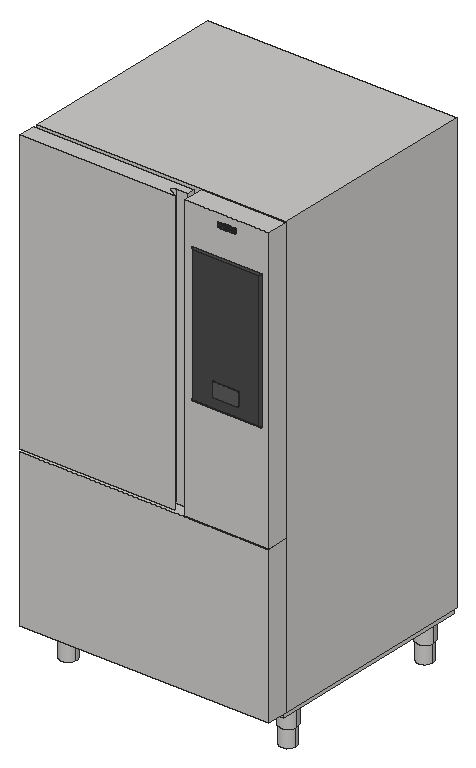
Revit family "QF_ZANUSSI_110547_ZBFA11E", category Specialty Equipment, Revit 2018 (continued)
Automatic sketch dimensions
  Split face 168 sketch curve to Split face 168 sketch curve = 4.974 mm
  Split face 169 sketch curve to Extrusion 4 = 71.499 mm
  Split face 169 sketch curve to Extrusion 4 = 382.543 mm
  Split face 169 sketch curve to Split face 169 sketch curve = 110.016 mm
  Split face 169 sketch curve to Split face 169 sketch curve = 4.974 mm
  Split face 170 sketch curve to Extrusion 4 = 80.999 mm
  Split face 170 sketch curve to Extrusion 4 = 382.543 mm
  Split face 170 sketch curve to Split face 170 sketch curve = 110.016 mm
  Split face 170 sketch curve to Split face 170 sketch curve = 4.974 mm
  Split face 171 sketch curve to Extrusion 4 = 90.499 mm
  Split face 171 sketch curve to Extrusion 4 = 382.543 mm
  Split face 171 sketch curve to Split face 171 sketch curve = 110.016 mm
  Split face 171 sketch curve to Split face 171 sketch curve = 4.974 mm
  Split face 172 sketch curve to Extrusion 4 = 99.999 mm
  Split face 172 sketch curve to Extrusion 4 = 382.543 mm
  Split face 172 sketch curve to Split face 172 sketch curve = 110.016 mm
  Split face 172 sketch curve to Split face 172 sketch curve = 4.974 mm
  Split face 173 sketch curve to Extrusion 4 = 109.499 mm
  Split face 173 sketch curve to Extrusion 4 = 382.543 mm
  Split face 173 sketch curve to Split face 173 sketch curve = 110.016 mm
  Split face 173 sketch curve to Split face 173 sketch curve = 4.974 mm
  Split face 174 sketch curve to Extrusion 4 = 119 mm
  Split face 174 sketch curve to Extrusion 4 = 382.543 mm
  Split face 174 sketch curve to Split face 174 sketch curve = 110.016 mm
  Split face 174 sketch curve to Split face 174 sketch curve = 4.974 mm
  Split face 175 sketch curve to Extrusion 4 = 128.5 mm
  Split face 175 sketch curve to Extrusion 4 = 382.543 mm
  Split face 175 sketch curve to Split face 175 sketch curve = 110.016 mm
  Split face 175 sketch curve to Split face 175 sketch curve = 4.974 mm
  Split face 176 sketch curve to Extrusion 4 = 138 mm
  Split face 176 sketch curve to Extrusion 4 = 382.543 mm
  Split face 176 sketch curve to Split face 176 sketch curve = 110.016 mm
  Split face 176 sketch curve to Split face 176 sketch curve = 4.974 mm
  Split face 177 sketch curve to Extrusion 4 = 147.5 mm
  Split face 177 sketch curve to Extrusion 4 = 382.543 mm
  Split face 177 sketch curve to Split face 177 sketch curve = 110.016 mm
  Split face 177 sketch curve to Split face 177 sketch curve = 4.974 mm
  Split face 178 sketch curve to Extrusion 4 = 157 mm
  Split face 178 sketch curve to Extrusion 4 = 382.543 mm
  Split face 178 sketch curve to Split face 178 sketch curve = 110.016 mm
  Split face 178 sketch curve to Split face 178 sketch curve = 4.974 mm
  Split face 179 sketch curve to Extrusion 4 = 166.5 mm
  Split face 179 sketch curve to Extrusion 4 = 382.543 mm
  Split face 179 sketch curve to Split face 179 sketch curve = 110.016 mm
  Split face 179 sketch curve to Split face 179 sketch curve = 4.974 mm
  Split face 180 sketch curve to Extrusion 4 = 176 mm
  Split face 180 sketch curve to Extrusion 4 = 382.543 mm
  Split face 180 sketch curve to Split face 180 sketch curve = 110.016 mm
  Split face 180 sketch curve to Split face 180 sketch curve = 4.974 mm
  Split face 181 sketch curve to Extrusion 4 = 185.5 mm
  Split face 181 sketch curve to Extrusion 4 = 382.543 mm
  Split face 181 sketch curve to Split face 181 sketch curve = 110.016 mm
  Split face 181 sketch curve to Split face 181 sketch curve = 4.974 mm
  Split face 182 sketch curve to Extrusion 4 = 382.543 mm
  Split face 182 sketch curve to Split face 182 sketch curve = 110.016 mm
  Split face 182 sketch curve to Extrusion 4 = 195 mm
  Split face 182 sketch curve to Split face 182 sketch curve = 4.974 mm
  Split face 183 sketch curve to Extrusion 4 = 382.543 mm
  Split face 183 sketch curve to Split face 183 sketch curve = 110.016 mm
  Split face 183 sketch curve to Extrusion 4 = 204.5 mm
  Split face 183 sketch curve to Split face 183 sketch curve = 4.974 mm
  Split face 184 sketch curve to Extrusion 4 = 382.543 mm
  Split face 184 sketch curve to Split face 184 sketch curve = 110.016 mm
  Split face 184 sketch curve to Extrusion 4 = 214 mm
  Split face 184 sketch curve to Split face 184 sketch curve = 4.974 mm
  Split face 185 sketch curve to Extrusion 4 = 382.543 mm
  Split face 185 sketch curve to Split face 185 sketch curve = 110.016 mm
  Split face 185 sketch curve to Extrusion 4 = 223.5 mm
  Split face 185 sketch curve to Split face 185 sketch curve = 4.974 mm
  Split face 186 sketch curve to Extrusion 4 = 382.543 mm
  Split face 186 sketch curve to Split face 186 sketch curve = 110.016 mm
  Split face 186 sketch curve to Extrusion 4 = 233.001 mm
  Split face 186 sketch curve to Split face 186 sketch curve = 4.974 mm
  Split face 187 sketch curve to Extrusion 4 = 382.543 mm
  Split face 187 sketch curve to Split face 187 sketch curve = 110.016 mm
  Split face 187 sketch curve to Extrusion 4 = 242.501 mm
  Split face 187 sketch curve to Split face 187 sketch curve = 4.974 mm
  Split face 188 sketch curve to Extrusion 4 = 382.543 mm
  Split face 188 sketch curve to Split face 188 sketch curve = 110.016 mm
  Split face 188 sketch curve to Extrusion 4 = 252.001 mm
  Split face 188 sketch curve to Split face 188 sketch curve = 4.974 mm
  Split face 189 sketch curve to Extrusion 4 = 382.543 mm
  Split face 189 sketch curve to Split face 189 sketch curve = 110.016 mm
  Split face 189 sketch curve to Extrusion 4 = 261.501 mm
  Split face 189 sketch curve to Split face 189 sketch curve = 4.974 mm
  Split face 190 sketch curve to Extrusion 4 = 382.543 mm
  Split face 190 sketch curve to Split face 190 sketch curve = 110.016 mm
  Split face 190 sketch curve to Extrusion 4 = 271.001 mm
  Split face 190 sketch curve to Split face 190 sketch curve = 4.974 mm
  Split face 191 sketch curve to Extrusion 4 = 382.543 mm
  Split face 191 sketch curve to Split face 191 sketch curve = 110.016 mm
  Split face 191 sketch curve to Extrusion 4 = 279.479 mm
  Split face 191 sketch curve to Split face 191 sketch curve = 4.974 mm
  Split face 192 sketch curve to Extrusion 4 = 382.543 mm
  Split face 192 sketch curve to Split face 192 sketch curve = 110.016 mm
  Split face 192 sketch curve to Extrusion 4 = 269.979 mm
  Split face 192 sketch curve to Split face 192 sketch curve = 4.974 mm
  Split face 193 sketch curve to Extrusion 4 = 382.543 mm
  Split face 193 sketch curve to Split face 193 sketch curve = 110.016 mm
  Split face 193 sketch curve to Extrusion 4 = 260.479 mm
  Split face 193 sketch curve to Split face 193 sketch curve = 4.974 mm
  Split face 194 sketch curve to Extrusion 4 = 382.543 mm
  Split face 194 sketch curve to Split face 194 sketch curve = 110.016 mm
  Split face 194 sketch curve to Extrusion 4 = 250.978 mm
  Split face 194 sketch curve to Split face 194 sketch curve = 4.974 mm
  Split face 195 sketch curve to Extrusion 4 = 382.543 mm
  Split face 195 sketch curve to Split face 195 sketch curve = 110.016 mm
  Split face 195 sketch curve to Extrusion 4 = 241.478 mm
  Split face 195 sketch curve to Split face 195 sketch curve = 4.974 mm
  Split face 196 sketch curve to Extrusion 4 = 382.543 mm
  Split face 196 sketch curve to Split face 196 sketch curve = 110.016 mm
  Split face 196 sketch curve to Extrusion 4 = 231.978 mm
  Split face 196 sketch curve to Split face 196 sketch curve = 4.974 mm
  Split face 197 sketch curve to Extrusion 4 = 382.543 mm
  Split face 197 sketch curve to Split face 197 sketch curve = 110.016 mm
  Split face 197 sketch curve to Extrusion 4 = 222.478 mm
  Split face 197 sketch curve to Split face 197 sketch curve = 4.974 mm
  Split face 198 sketch curve to Extrusion 4 = 382.543 mm
  Split face 198 sketch curve to Split face 198 sketch curve = 110.016 mm
  Split face 198 sketch curve to Extrusion 4 = 212.978 mm
  Split face 198 sketch curve to Split face 198 sketch curve = 4.974 mm
  Split face 199 sketch curve to Extrusion 4 = 382.543 mm
  Split face 199 sketch curve to Split face 199 sketch curve = 110.016 mm
  Split face 199 sketch curve to Extrusion 4 = 203.478 mm
  Split face 199 sketch curve to Split face 199 sketch curve = 4.974 mm
  Split face 200 sketch curve to Extrusion 4 = 382.543 mm
  Split face 200 sketch curve to Split face 200 sketch curve = 110.016 mm
  Split face 200 sketch curve to Extrusion 4 = 193.978 mm
  Split face 200 sketch curve to Split face 200 sketch curve = 4.974 mm
  Split face 201 sketch curve to Extrusion 4 = 184.478 mm
  Split face 201 sketch curve to Extrusion 4 = 382.543 mm
  Split face 201 sketch curve to Split face 201 sketch curve = 110.016 mm
  Split face 201 sketch curve to Split face 201 sketch curve = 4.974 mm
  Split face 202 sketch curve to Extrusion 4 = 174.978 mm
  Split face 202 sketch curve to Extrusion 4 = 382.543 mm
  Split face 202 sketch curve to Split face 202 sketch curve = 110.016 mm
  Split face 202 sketch curve to Split face 202 sketch curve = 4.974 mm
  Split face 203 sketch curve to Extrusion 4 = 165.478 mm
  Split face 203 sketch curve to Extrusion 4 = 382.543 mm
  Split face 203 sketch curve to Split face 203 sketch curve = 110.016 mm
  Split face 203 sketch curve to Split face 203 sketch curve = 4.974 mm
  Split face 204 sketch curve to Extrusion 4 = 155.978 mm
  Split face 204 sketch curve to Extrusion 4 = 382.543 mm
  Split face 204 sketch curve to Split face 204 sketch curve = 110.016 mm
  Split face 204 sketch curve to Split face 204 sketch curve = 4.974 mm
  Split face 205 sketch curve to Extrusion 4 = 146.478 mm
  Split face 205 sketch curve to Extrusion 4 = 382.543 mm
  Split face 205 sketch curve to Split face 205 sketch curve = 110.016 mm
  Split face 205 sketch curve to Split face 205 sketch curve = 4.974 mm
  Split face 206 sketch curve to Extrusion 4 = 33.499 mm
  Split face 206 sketch curve to Extrusion 4 = 262.552 mm
  Split face 206 sketch curve to Extrusion 4 = 28.525 mm
  Split face 206 sketch curve to Split face 206 sketch curve = 110.016 mm
  Split face 207 sketch curve to Extrusion 4 = 42.999 mm
  Split face 207 sketch curve to Extrusion 4 = 262.552 mm
  Split face 207 sketch curve to Extrusion 4 = 38.025 mm
  Split face 207 sketch curve to Split face 207 sketch curve = 110.016 mm
  Split face 208 sketch curve to Extrusion 4 = 52.499 mm
  Split face 208 sketch curve to Extrusion 4 = 262.552 mm
  Split face 208 sketch curve to Extrusion 4 = 47.525 mm
  Split face 208 sketch curve to Split face 208 sketch curve = 110.016 mm
  Split face 209 sketch curve to Extrusion 4 = 61.999 mm
  Split face 209 sketch curve to Extrusion 4 = 262.552 mm
  Split face 209 sketch curve to Split face 209 sketch curve = 110.016 mm
  Split face 209 sketch curve to Split face 209 sketch curve = 4.974 mm
  Split face 210 sketch curve to Extrusion 4 = 71.499 mm
  Split face 210 sketch curve to Extrusion 4 = 262.552 mm
  Split face 210 sketch curve to Split face 210 sketch curve = 110.016 mm
  Split face 210 sketch curve to Split face 210 sketch curve = 4.974 mm
  Split face 211 sketch curve to Extrusion 4 = 80.999 mm
  Split face 211 sketch curve to Extrusion 4 = 262.552 mm
  Split face 211 sketch curve to Split face 211 sketch curve = 110.016 mm
  Split face 211 sketch curve to Split face 211 sketch curve = 4.974 mm
  Split face 212 sketch curve to Extrusion 4 = 90.499 mm
  Split face 212 sketch curve to Extrusion 4 = 262.552 mm
  Split face 212 sketch curve to Split face 212 sketch curve = 110.016 mm
  Split face 212 sketch curve to Split face 212 sketch curve = 4.974 mm
  Split face 213 sketch curve to Extrusion 4 = 99.999 mm
  Split face 213 sketch curve to Extrusion 4 = 262.552 mm
  Split face 213 sketch curve to Split face 213 sketch curve = 110.016 mm
  Split face 213 sketch curve to Split face 213 sketch curve = 4.974 mm
  Split face 214 sketch curve to Extrusion 4 = 109.499 mm
  Split face 214 sketch curve to Extrusion 4 = 262.552 mm
  Split face 214 sketch curve to Split face 214 sketch curve = 110.016 mm
  Split face 214 sketch curve to Split face 214 sketch curve = 4.974 mm
  Split face 215 sketch curve to Extrusion 4 = 119 mm
  Split face 215 sketch curve to Extrusion 4 = 262.552 mm
  Split face 215 sketch curve to Split face 215 sketch curve = 110.016 mm
  Split face 215 sketch curve to Split face 215 sketch curve = 4.974 mm
  Split face 216 sketch curve to Extrusion 4 = 128.5 mm
  Split face 216 sketch curve to Extrusion 4 = 262.552 mm
  Split face 216 sketch curve to Split face 216 sketch curve = 110.016 mm
  Split face 216 sketch curve to Split face 216 sketch curve = 4.974 mm
  Split face 217 sketch curve to Extrusion 4 = 262.552 mm
  Split face 217 sketch curve to Split face 217 sketch curve = 110.016 mm
  Split face 217 sketch curve to Extrusion 4 = 138 mm
  Split face 217 sketch curve to Split face 217 sketch curve = 4.974 mm
  Split face 218 sketch curve to Extrusion 4 = 262.552 mm
  Split face 218 sketch curve to Split face 218 sketch curve = 110.016 mm
  Split face 218 sketch curve to Extrusion 4 = 147.5 mm
  Split face 218 sketch curve to Split face 218 sketch curve = 4.974 mm
  Split face 219 sketch curve to Extrusion 4 = 262.552 mm
  Split face 219 sketch curve to Split face 219 sketch curve = 110.016 mm
  Split face 219 sketch curve to Extrusion 4 = 157 mm
  Split face 219 sketch curve to Split face 219 sketch curve = 4.974 mm
  Split face 220 sketch curve to Extrusion 4 = 262.552 mm
  Split face 220 sketch curve to Split face 220 sketch curve = 110.016 mm
  Split face 220 sketch curve to Extrusion 4 = 166.5 mm
  Split face 220 sketch curve to Split face 220 sketch curve = 4.974 mm
  Split face 221 sketch curve to Extrusion 4 = 262.552 mm
  Split face 221 sketch curve to Split face 221 sketch curve = 110.016 mm
  Split face 221 sketch curve to Extrusion 4 = 176 mm
  Split face 221 sketch curve to Split face 221 sketch curve = 4.974 mm
  Split face 222 sketch curve to Extrusion 4 = 262.552 mm
  Split face 222 sketch curve to Split face 222 sketch curve = 110.016 mm
  Split face 222 sketch curve to Extrusion 4 = 185.5 mm
  Split face 222 sketch curve to Split face 222 sketch curve = 4.974 mm
  Split face 223 sketch curve to Extrusion 4 = 262.552 mm
  Split face 223 sketch curve to Split face 223 sketch curve = 110.016 mm
  Split face 223 sketch curve to Extrusion 4 = 195 mm
  Split face 223 sketch curve to Split face 223 sketch curve = 4.974 mm
  Split face 224 sketch curve to Extrusion 4 = 262.552 mm
  Split face 224 sketch curve to Split face 224 sketch curve = 110.016 mm
  Split face 224 sketch curve to Extrusion 4 = 204.5 mm
  Split face 224 sketch curve to Split face 224 sketch curve = 4.974 mm
  Split face 225 sketch curve to Extrusion 4 = 262.552 mm
  Split face 225 sketch curve to Split face 225 sketch curve = 110.016 mm
  Split face 225 sketch curve to Extrusion 4 = 214 mm
  Split face 225 sketch curve to Split face 225 sketch curve = 4.974 mm
  Split face 226 sketch curve to Extrusion 4 = 262.552 mm
  Split face 226 sketch curve to Split face 226 sketch curve = 110.016 mm
  Split face 226 sketch curve to Extrusion 4 = 223.5 mm
  Split face 226 sketch curve to Split face 226 sketch curve = 4.974 mm
  Split face 227 sketch curve to Extrusion 4 = 262.552 mm
  Split face 227 sketch curve to Split face 227 sketch curve = 110.016 mm
  Split face 227 sketch curve to Extrusion 4 = 233.001 mm
  Split face 227 sketch curve to Split face 227 sketch curve = 4.974 mm
  Split face 228 sketch curve to Extrusion 4 = 262.552 mm
  Split face 228 sketch curve to Split face 228 sketch curve = 110.016 mm
  Split face 228 sketch curve to Extrusion 4 = 242.501 mm
  Split face 228 sketch curve to Split face 228 sketch curve = 4.974 mm
  Split face 229 sketch curve to Extrusion 4 = 262.552 mm
  Split face 229 sketch curve to Split face 229 sketch curve = 110.016 mm
  Split face 229 sketch curve to Extrusion 4 = 252.001 mm
  Split face 229 sketch curve to Split face 229 sketch curve = 4.974 mm
  Split face 230 sketch curve to Extrusion 4 = 262.552 mm
  Split face 230 sketch curve to Split face 230 sketch curve = 110.016 mm
  Split face 230 sketch curve to Extrusion 4 = 261.501 mm
  Split face 230 sketch curve to Split face 230 sketch curve = 4.974 mm
  Split face 231 sketch curve to Extrusion 4 = 262.552 mm
  Split face 231 sketch curve to Split face 231 sketch curve = 110.016 mm
  Split face 231 sketch curve to Extrusion 4 = 271.001 mm
  Split face 231 sketch curve to Split face 231 sketch curve = 4.974 mm
  Split face 232 sketch curve to Extrusion 4 = 262.552 mm
  Split face 232 sketch curve to Split face 232 sketch curve = 110.016 mm
  Split face 232 sketch curve to Extrusion 4 = 279.479 mm
  Split face 232 sketch curve to Split face 232 sketch curve = 4.974 mm
  Split face 233 sketch curve to Extrusion 4 = 262.552 mm
  Split face 233 sketch curve to Split face 233 sketch curve = 110.016 mm
  Split face 233 sketch curve to Extrusion 4 = 269.979 mm
  Split face 233 sketch curve to Split face 233 sketch curve = 4.974 mm
  Split face 234 sketch curve to Extrusion 4 = 262.552 mm
  Split face 234 sketch curve to Split face 234 sketch curve = 110.016 mm
  Split face 234 sketch curve to Extrusion 4 = 260.479 mm
  Split face 234 sketch curve to Split face 234 sketch curve = 4.974 mm
  Split face 235 sketch curve to Extrusion 4 = 262.552 mm
  Split face 235 sketch curve to Split face 235 sketch curve = 110.016 mm
  Split face 235 sketch curve to Extrusion 4 = 250.978 mm
  Split face 235 sketch curve to Split face 235 sketch curve = 4.974 mm
  Split face 236 sketch curve to Extrusion 4 = 262.552 mm
  Split face 236 sketch curve to Split face 236 sketch curve = 110.016 mm
  Split face 236 sketch curve to Extrusion 4 = 241.478 mm
  Split face 236 sketch curve to Split face 236 sketch curve = 4.974 mm
  Split face 237 sketch curve to Extrusion 4 = 262.552 mm
  Split face 237 sketch curve to Split face 237 sketch curve = 110.016 mm
  Split face 237 sketch curve to Extrusion 4 = 231.978 mm
  Split face 237 sketch curve to Split face 237 sketch curve = 4.974 mm
  Split face 238 sketch curve to Extrusion 4 = 262.552 mm
  Split face 238 sketch curve to Split face 238 sketch curve = 110.016 mm
  Split face 238 sketch curve to Extrusion 4 = 222.478 mm
  Split face 238 sketch curve to Split face 238 sketch curve = 4.974 mm
  Split face 239 sketch curve to Extrusion 4 = 262.552 mm
  Split face 239 sketch curve to Split face 239 sketch curve = 110.016 mm
  Split face 239 sketch curve to Extrusion 4 = 212.978 mm
  Split face 239 sketch curve to Split face 239 sketch curve = 4.974 mm
  Split face 240 sketch curve to Extrusion 4 = 262.552 mm
  Split face 240 sketch curve to Split face 240 sketch curve = 110.016 mm
  Split face 240 sketch curve to Extrusion 4 = 203.478 mm
  Split face 240 sketch curve to Split face 240 sketch curve = 4.974 mm
  Split face 241 sketch curve to Extrusion 4 = 262.552 mm
  Split face 241 sketch curve to Split face 241 sketch curve = 110.016 mm
  Split face 241 sketch curve to Extrusion 4 = 193.978 mm
  Split face 241 sketch curve to Split face 241 sketch curve = 4.974 mm
  Split face 242 sketch curve to Extrusion 4 = 262.552 mm
  Split face 242 sketch curve to Split face 242 sketch curve = 110.016 mm
  Split face 242 sketch curve to Extrusion 4 = 184.478 mm
  Split face 242 sketch curve to Split face 242 sketch curve = 4.974 mm
  Split face 243 sketch curve to Extrusion 4 = 262.552 mm
  Split face 243 sketch curve to Split face 243 sketch curve = 110.016 mm
  Split face 243 sketch curve to Extrusion 4 = 174.978 mm
  Split face 243 sketch curve to Split face 243 sketch curve = 4.974 mm
  Split face 244 sketch curve to Extrusion 4 = 262.552 mm
  Split face 244 sketch curve to Split face 244 sketch curve = 110.016 mm
  Split face 244 sketch curve to Extrusion 4 = 165.478 mm
  Split face 244 sketch curve to Split face 244 sketch curve = 4.974 mm
  Split face 245 sketch curve to Extrusion 4 = 262.552 mm
  Split face 245 sketch curve to Split face 245 sketch curve = 110.016 mm
  Split face 245 sketch curve to Extrusion 4 = 155.978 mm
  Split face 245 sketch curve to Split face 245 sketch curve = 4.974 mm
  Split face 246 sketch curve to Extrusion 4 = 262.552 mm
  Split face 246 sketch curve to Split face 246 sketch curve = 110.016 mm
  Split face 246 sketch curve to Extrusion 4 = 146.478 mm
  Split face 246 sketch curve to Split face 246 sketch curve = 4.974 mm
  Split face 247 sketch curve to Extrusion 4 = 33.499 mm
  Split face 247 sketch curve to Extrusion 4 = 142.561 mm
  Split face 247 sketch curve to Extrusion 4 = 32.544 mm
  Split face 247 sketch curve to Split face 247 sketch curve = 4.974 mm
  Split face 248 sketch curve to Extrusion 4 = 42.999 mm
  Split face 248 sketch curve to Extrusion 4 = 142.561 mm
  Split face 248 sketch curve to Extrusion 4 = 32.544 mm
  Split face 248 sketch curve to Split face 248 sketch curve = 4.974 mm
  Split face 249 sketch curve to Extrusion 4 = 52.499 mm
  Split face 249 sketch curve to Extrusion 4 = 142.561 mm
  Split face 249 sketch curve to Extrusion 4 = 32.544 mm
  Split face 249 sketch curve to Split face 249 sketch curve = 4.974 mm
  Split face 250 sketch curve to Extrusion 4 = 61.999 mm
  Split face 250 sketch curve to Extrusion 4 = 142.561 mm
  Split face 250 sketch curve to Extrusion 4 = 32.544 mm
  Split face 250 sketch curve to Split face 250 sketch curve = 4.974 mm
  Split face 251 sketch curve to Extrusion 4 = 142.561 mm
  Split face 251 sketch curve to Extrusion 4 = 32.544 mm
  Split face 251 sketch curve to Extrusion 4 = 71.499 mm
  Split face 251 sketch curve to Split face 251 sketch curve = 4.974 mm
  Split face 252 sketch curve to Extrusion 4 = 142.561 mm
  Split face 252 sketch curve to Extrusion 4 = 32.544 mm
  Split face 252 sketch curve to Extrusion 4 = 80.999 mm
  Split face 252 sketch curve to Split face 252 sketch curve = 4.974 mm
  Split face 253 sketch curve to Extrusion 4 = 142.561 mm
  Split face 253 sketch curve to Extrusion 4 = 32.544 mm
  Split face 253 sketch curve to Extrusion 4 = 90.499 mm
  Split face 253 sketch curve to Split face 253 sketch curve = 4.974 mm
  Split face 254 sketch curve to Extrusion 4 = 142.561 mm
  Split face 254 sketch curve to Extrusion 4 = 32.544 mm
  Split face 254 sketch curve to Extrusion 4 = 99.999 mm
  Split face 254 sketch curve to Split face 254 sketch curve = 4.974 mm
  Split face 255 sketch curve to Extrusion 4 = 142.561 mm
  Split face 255 sketch curve to Extrusion 4 = 32.544 mm
  Split face 255 sketch curve to Extrusion 4 = 109.499 mm
  Split face 255 sketch curve to Split face 255 sketch curve = 4.974 mm
  Split face 256 sketch curve to Extrusion 4 = 142.561 mm
  Split face 256 sketch curve to Extrusion 4 = 32.544 mm
  Split face 256 sketch curve to Extrusion 4 = 119 mm
  Split face 256 sketch curve to Split face 256 sketch curve = 4.974 mm
  Split face 257 sketch curve to Extrusion 4 = 142.561 mm
  Split face 257 sketch curve to Extrusion 4 = 32.544 mm
  Split face 257 sketch curve to Extrusion 4 = 128.5 mm
  Split face 257 sketch curve to Split face 257 sketch curve = 4.974 mm
  Split face 258 sketch curve to Extrusion 4 = 142.561 mm
  Split face 258 sketch curve to Extrusion 4 = 32.544 mm
  Split face 258 sketch curve to Extrusion 4 = 138 mm
  Split face 258 sketch curve to Split face 258 sketch curve = 4.974 mm
  Split face 259 sketch curve to Extrusion 4 = 142.561 mm
  Split face 259 sketch curve to Extrusion 4 = 32.544 mm
  Split face 259 sketch curve to Extrusion 4 = 147.5 mm
  Split face 259 sketch curve to Split face 259 sketch curve = 4.974 mm
  Split face 260 sketch curve to Extrusion 4 = 142.561 mm
  Split face 260 sketch curve to Extrusion 4 = 32.544 mm
  Split face 260 sketch curve to Extrusion 4 = 157 mm
  Split face 260 sketch curve to Split face 260 sketch curve = 4.974 mm
  Split face 261 sketch curve to Extrusion 4 = 142.561 mm
  Split face 261 sketch curve to Extrusion 4 = 32.544 mm
  Split face 261 sketch curve to Extrusion 4 = 166.5 mm
  Split face 261 sketch curve to Split face 261 sketch curve = 4.974 mm
  Split face 262 sketch curve to Extrusion 4 = 142.561 mm
  Split face 262 sketch curve to Extrusion 4 = 32.544 mm
  Split face 262 sketch curve to Extrusion 4 = 176 mm
  Split face 262 sketch curve to Split face 262 sketch curve = 4.974 mm
  Split face 263 sketch curve to Extrusion 4 = 142.561 mm
  Split face 263 sketch curve to Extrusion 4 = 32.544 mm
  Split face 263 sketch curve to Extrusion 4 = 185.5 mm
  Split face 263 sketch curve to Split face 263 sketch curve = 4.974 mm
  Split face 264 sketch curve to Extrusion 4 = 142.561 mm
  Split face 264 sketch curve to Extrusion 4 = 32.544 mm
  Split face 264 sketch curve to Extrusion 4 = 195 mm
  Split face 264 sketch curve to Split face 264 sketch curve = 4.974 mm
  Split face 265 sketch curve to Extrusion 4 = 142.561 mm
  Split face 265 sketch curve to Extrusion 4 = 32.544 mm
  Split face 265 sketch curve to Extrusion 4 = 204.5 mm
  Split face 265 sketch curve to Split face 265 sketch curve = 4.974 mm
  Split face 266 sketch curve to Extrusion 4 = 142.561 mm
  Split face 266 sketch curve to Extrusion 4 = 32.544 mm
  Split face 266 sketch curve to Extrusion 4 = 214 mm
  Split face 266 sketch curve to Split face 266 sketch curve = 4.974 mm
  Split face 267 sketch curve to Extrusion 4 = 142.561 mm
  Split face 267 sketch curve to Extrusion 4 = 32.544 mm
  Split face 267 sketch curve to Extrusion 4 = 223.5 mm
  Split face 267 sketch curve to Split face 267 sketch curve = 4.974 mm
  Split face 268 sketch curve to Extrusion 4 = 142.561 mm
  Split face 268 sketch curve to Extrusion 4 = 32.544 mm
  Split face 268 sketch curve to Extrusion 4 = 233.001 mm
  Split face 268 sketch curve to Split face 268 sketch curve = 4.974 mm
  Split face 269 sketch curve to Extrusion 4 = 142.561 mm
  Split face 269 sketch curve to Extrusion 4 = 32.544 mm
  Split face 269 sketch curve to Extrusion 4 = 242.501 mm
  Split face 269 sketch curve to Split face 269 sketch curve = 4.974 mm
  Split face 270 sketch curve to Extrusion 4 = 142.561 mm
  Split face 270 sketch curve to Extrusion 4 = 32.544 mm
  Split face 270 sketch curve to Extrusion 4 = 252.001 mm
  Split face 270 sketch curve to Split face 270 sketch curve = 4.974 mm
  Split face 271 sketch curve to Extrusion 4 = 142.561 mm
  Split face 271 sketch curve to Extrusion 4 = 32.544 mm
  Split face 271 sketch curve to Extrusion 4 = 261.501 mm
  Split face 271 sketch curve to Split face 271 sketch curve = 4.974 mm
  Split face 272 sketch curve to Extrusion 4 = 142.561 mm
  Split face 272 sketch curve to Extrusion 4 = 32.544 mm
  Split face 272 sketch curve to Extrusion 4 = 271.001 mm
  Split face 272 sketch curve to Split face 272 sketch curve = 4.974 mm
  Split face 273 sketch curve to Extrusion 4 = 142.561 mm
  Split face 273 sketch curve to Extrusion 4 = 32.544 mm
  Split face 273 sketch curve to Extrusion 4 = 279.479 mm
  Split face 273 sketch curve to Split face 273 sketch curve = 4.974 mm
  Split face 274 sketch curve to Extrusion 4 = 142.561 mm
  Split face 274 sketch curve to Extrusion 4 = 32.544 mm
  Split face 274 sketch curve to Extrusion 4 = 269.979 mm
  Split face 274 sketch curve to Split face 274 sketch curve = 4.974 mm
  Split face 275 sketch curve to Extrusion 4 = 142.561 mm
  Split face 275 sketch curve to Extrusion 4 = 32.544 mm
  Split face 275 sketch curve to Extrusion 4 = 260.479 mm
  Split face 275 sketch curve to Split face 275 sketch curve = 4.974 mm
  Split face 276 sketch curve to Extrusion 4 = 142.561 mm
  Split face 276 sketch curve to Extrusion 4 = 32.544 mm
  Split face 276 sketch curve to Extrusion 4 = 250.978 mm
  Split face 276 sketch curve to Split face 276 sketch curve = 4.974 mm
  Split face 277 sketch curve to Extrusion 4 = 142.561 mm
  Split face 277 sketch curve to Extrusion 4 = 32.544 mm
  Split face 277 sketch curve to Extrusion 4 = 241.478 mm
  Split face 277 sketch curve to Split face 277 sketch curve = 4.974 mm
  Split face 278 sketch curve to Extrusion 4 = 142.561 mm
  Split face 278 sketch curve to Extrusion 4 = 32.544 mm
  Split face 278 sketch curve to Extrusion 4 = 231.978 mm
  Split face 278 sketch curve to Split face 278 sketch curve = 4.974 mm
  Split face 279 sketch curve to Extrusion 4 = 142.561 mm
  Split face 279 sketch curve to Extrusion 4 = 32.544 mm
  Split face 279 sketch curve to Extrusion 4 = 222.478 mm
  Split face 279 sketch curve to Split face 279 sketch curve = 4.974 mm
  Split face 280 sketch curve to Extrusion 4 = 142.561 mm
  Split face 280 sketch curve to Extrusion 4 = 32.544 mm
  Split face 280 sketch curve to Extrusion 4 = 212.978 mm
  Split face 280 sketch curve to Split face 280 sketch curve = 4.974 mm
  Split face 281 sketch curve to Extrusion 4 = 142.561 mm
  Split face 281 sketch curve to Extrusion 4 = 32.544 mm
  Split face 281 sketch curve to Extrusion 4 = 203.478 mm
  Split face 281 sketch curve to Split face 281 sketch curve = 4.974 mm
  Split face 282 sketch curve to Extrusion 4 = 142.561 mm
  Split face 282 sketch curve to Extrusion 4 = 32.544 mm
  Split face 282 sketch curve to Extrusion 4 = 193.978 mm
  Split face 282 sketch curve to Split face 282 sketch curve = 4.974 mm
  Split face 283 sketch curve to Extrusion 4 = 142.561 mm
  Split face 283 sketch curve to Extrusion 4 = 32.544 mm
  Split face 283 sketch curve to Extrusion 4 = 184.478 mm
  Split face 283 sketch curve to Split face 283 sketch curve = 4.974 mm
  Split face 284 sketch curve to Extrusion 4 = 142.561 mm
  Split face 284 sketch curve to Extrusion 4 = 32.544 mm
  Split face 284 sketch curve to Extrusion 4 = 174.978 mm
  Split face 284 sketch curve to Split face 284 sketch curve = 4.974 mm
  Split face 285 sketch curve to Extrusion 4 = 142.561 mm
  Split face 285 sketch curve to Extrusion 4 = 32.544 mm
  Split face 285 sketch curve to Extrusion 4 = 165.478 mm
  Split face 285 sketch curve to Split face 285 sketch curve = 4.974 mm
  Split face 286 sketch curve to Extrusion 4 = 142.561 mm
  Split face 286 sketch curve to Extrusion 4 = 32.544 mm
  Split face 286 sketch curve to Extrusion 4 = 155.978 mm
  Split face 286 sketch curve to Split face 286 sketch curve = 4.974 mm
  Split face 287 sketch curve to Extrusion 4 = 142.561 mm
  Split face 287 sketch curve to Extrusion 4 = 32.544 mm
  Split face 287 sketch curve to Extrusion 4 = 146.478 mm
  Split face 287 sketch curve to Split face 287 sketch curve = 4.974 mm
  Extrusion 12 sketch curve to plane 9 "TOP" = 0 mm
  plane 7 "FRONT" to Extrusion 12 sketch curve = 0 mm
  plane 8 to Extrusion 12 sketch curve = 589.524 mm
  Extrusion 10 sketch curve to plane 7 "FRONT" = 0 mm
  plane 4 "LEFT" to Extrusion 10 sketch curve = 22.511 mm
  plane 10 to Extrusion 10 sketch curve = 2 mm
  plane 3 "Center Y" to Extrusion 10 sketch curve = 130.7 mm
  plane 15 to Extrusion 10 sketch curve = 2.5 mm
  plane 15 to Extrusion 12 sketch curve = 2.5 mm
  plane 3 "Center Y" to Extrusion 8 sketch curve = 130.7 mm
  plane 10 to Extrusion 13 sketch curve = 476.532 mm
  Extrusion 13 sketch curve to Extrusion 13 sketch curve = 4.321 mm
  Extrusion 13 sketch curve to Extrusion 13 sketch curve = 0.039 mm
  Extrusion 13 sketch curve to Extrusion 13 sketch curve = 27.707 mm
  Extrusion 13 sketch curve to Extrusion 13 sketch curve = 21.962 mm
  Extrusion 13 sketch curve to plane 7 "FRONT" = 0 mm
  Extrusion 13 sketch curve to Extrusion 13 sketch curve = 16.635 mm
  Extrusion 13 sketch curve to Extrusion 13 sketch curve = 7.197 mm
  plane 15 to Extrusion 14 sketch curve = 2.5 mm
  Extrusion 14 sketch curve to Extrusion 14 sketch curve = 21.962 mm
  Extrusion 14 sketch curve to Extrusion 14 sketch curve = 23.346 mm
  Extrusion 14 sketch curve to Extrusion 14 sketch curve = 0.039 mm
  Extrusion 14 sketch curve to Extrusion 14 sketch curve = 4.321 mm
  plane 4 "LEFT" to Extrusion 14 sketch curve = 26.227 mm
  Extrusion 14 sketch curve to Extrusion 14 sketch curve = 8.395 mm
  Extrusion 14 sketch curve to Extrusion 14 sketch curve = 16.635 mm
  curve 21 to plane 4 "LEFT" = 0 mm
  curve 19 to plane 4 "LEFT" = 0 mm
  curve 22 to plane 7 "FRONT" = 0 mm
  curve 18 to plane 7 "FRONT" = 0 mm
  plane 7 "FRONT" to curve 23 = 60 mm
  plane 3 "Center Y" to curve 23 = 130.7 mm
  curve 20 to curve 18 = 14.8 mm
  curve 20 to curve 18 = 16 mm
  curve 22 to curve 18 = 36.762 mm
  curve 23 to curve 20 = 27.773 mm
  curve 1 to plane 5 "BACK" = 0 mm
  curve 1 to plane 6 "RIGHT" = 0 mm
  curve 13 to plane 7 "FRONT" = 0 mm
  curve 6 to plane 14 = 0 mm
  curve 14 to plane 7 "FRONT" = 0 mm
  curve 17 to plane 7 "FRONT" = 0 mm
  curve 2 to plane 4 "LEFT" = 0 mm
  curve 15 to plane 7 "FRONT" = 0 mm
  curve 11 to plane 7 "FRONT" = 5 mm
  plane 12 to curve 11 = 20 mm
  curve 9 to plane 12 = 6.5 mm
  curve 8 to curve 10 = 21 mm
  curve 6 to plane 12 = 50.859 mm
  curve 6 to curve 6 = 164.232 mm
  plane 3 "Center Y" to curve 12 = 177.5 mm
  plane 10 to curve 17 = 2 mm
  plane 4 "LEFT" to curve 14 = 22.511 mm
  curve 10 to curve 10 = 29 mm
  plane 7 "FRONT" to curve 14 = 18.608 mm
  plane 15 to curve 17 = 2.5 mm
  curve 13 to curve 11 = 8 mm
  curve 10 to curve 7 = 15.266 mm
  curve 5 to curve 5 = 8.092 mm
  curve 11 to curve 12 = 8 mm
  curve 3 to curve 14 = 14.8 mm
  curve 16 to plane 10 = 25.773 mm
  curve 15 to plane 4 "LEFT" = 6 mm
  curve 2 to curve 14 = 57.392 mm
  plane 15 to curve 15 = 24.462 mm
  plane 4 "LEFT" to curve 24 = 10.635 mm
  curve 25 to curve 25 = 7.197 mm
  plane 15 to curve 24 = 52.168 mm
  curve 25 to curve 25 = 4.321 mm
  curve 24 to plane 4 "LEFT" = 6 mm
  curve 25 to curve 25 = 8.395 mm
  plane 15 to curve 24 = 24.462 mm
  plane 15 to curve 26 = 2.5 mm
  curve 27 to curve 22 = 23.346 mm
  curve 28 to curve 27 = 0.039 mm
  curve 28 to curve 27 = 8.395 mm
  curve 28 to curve 28 = 4.321 mm
  radius of Extrusion 3 sketch curve = 10.5 mm
  radius of Extrusion 6 sketch curve = 9.5 mm
Nested families
  nested 1: "Foot_Complete" at (-707, -144.149, 0), type "Foot_Complete"
    with H 130 mm
  nested 2: "Foot_Complete" at (84, -144.149, 0), type "Foot_Complete"
    with H 130 mm
  nested 3: "Foot_Complete" at (84, 471.851, 0), type "Foot_Complete"
    with H 130 mm
  nested 4: "Foot_Complete" at (-707, 471.851, 0), type "Foot_Complete"
    with H 130 mm
  nested 5: "ZAN_Logo_XS" at (-15, -295.149, 1693.9) x (1, 0, 0) z (0, -1, 0), visible <- "Show Logo", type "ZAN_Logo_XS"
  nested 6: "ZAN_Touch" at (-15, -295.149, 1341.605) x (1, 0, 0) z (0, -1, 0), type "ZAN_Touch"
Connectors
  electrical at (67, 576.851, 593), driven by "Volts"
    settings: on Extrusion 3, index 5, voltage 380 V, apparent load 0 VA, apparent load phase1 0 VA, apparent load phase2 0 VA, apparent load phase3 0 VA, power factor 1, load classification "Altro", number of poles 1, system type 30, power factor state 1, is connector primary yes, connector utility no, sub classification motor no, connector description "Electrical Connection"
  piping at (-359, 149.851, 98.32), diameter 19
    settings: on cut or joined group of Extrusion 1, Extrusion 2, Extrusion 3, Extrusion 5, Extrusion 6, Extrusion 7, Extrusion 11, index 6, connector inside diameter 609.6 mm, connector length 0 mm, flow factor 0, pipe flow 0.0 L/s, pressure drop 0.0 Pa, fitting loss kfactor 0, connector angle 0.00°, fixture units 0, engagement length 0 mm, angle of deflection 0.00°, flow configuration 1, flow direction 2, fitting loss method 0, system type 16, joint type 0, gender type 0, connector reference index -1, connector utility 0, adjustable connector no, is connector primary yes, connector description "Drain"
Definition of nested family "Foot_Complete"
  Parameters
    R = 32 mm
    H = 150 mm
  Reference planes
    plane 1 "Centro (Fronte/Retro)": y = 0
    plane 2: z = 0
    plane 3 "Centro (Sinistra/Destra)": x = 0
    plane 4: z = 150
  Forms (mm)
    Revolve 1, solid
      sketch origin (255.05, 0, 608.09) x (0, 0, 1) y (-1, 0, 0)
        loop
          line (-608.09, 255.05) -> (-608.09, 226.55) -> (-544.09, 226.55) -> (-544.09, 223.05) -> (-458.09, 223.05) -> (-458.09, 255.05) -> (-608.09, 255.05)
        axis (-608.09, 255.05) -> (-458.09, 255.05)
      angle from 0 to 360
  Dimensions and locks
    locked: level to Revolve 1 sketch curve at 64
    "R": Revolve 1 sketch curve to plane 3 "Centro (Sinistra/Destra)"
    "H": plane 4 to level
    aligned and locked: level to plane 2
    aligned and locked: plane 4 to Revolve 1 sketch curve
    aligned and locked: Revolve 1 sketch curve to level
    aligned and locked: plane 3 "Centro (Sinistra/Destra)" to Revolve 1 sketch curve
  Automatic sketch dimensions
    Revolve 1 sketch curve to plane 3 "Centro (Sinistra/Destra)" = 0 mm
    plane 3 "Centro (Sinistra/Destra)" to Revolve 1 sketch curve = 28.5 mm
    Revolve 1 sketch curve to Revolve 1 sketch curve = 50 mm
    Revolve 1 sketch curve to Revolve 1 sketch curve = 20 mm
Definition of nested family "ZAN_Logo_XS"
  Parameters
    Default Elevation = 0 mm
    M [instance] = none
  Reference planes
    plane 1 "Centro (Fronte/Retro)": y = 0
    plane 2: z = 0
    plane 3 "Centro (Sinistra/Destra)": x = 0
  Forms (mm)
    Extrusion 1, solid
      sketch origin (0, 0, 0) x (1, 0, 0) y (0, 1, 0)
        loop
          line (-1219.2, 1219.2) -> (-1219.2, -1219.2) -> (1219.2, -1219.2) -> (1219.2, 1219.2) -> (-1219.2, 1219.2)
      from 0 to -304.8
    Extrusion 2, solid, material <- "M"
      sketch origin (17.793, -46.218, 0) x (-1, 0, 0) y (0, -1, 0)
        loop
          spline (1.911, -54.793) -> (2.402, -54.973) -> (2.91, -55.105) -> (3.43, -55.191) -> (3.955, -55.229) -> (4.482, -55.219) -> (5.006, -55.161) -> (5.521, -55.054) -> (6.022, -54.898) -> (6.506, -54.693) -> (6.966, -54.438) -> (7.398, -54.133) -> (7.797, -53.778)
          spline (7.797, -53.778) -> (8.033, -53.407) -> (8.237, -53.008) -> (8.407, -52.586) -> (8.544, -52.147) -> (8.65, -51.697) -> (8.723, -51.241) -> (8.764, -50.785) -> (8.774, -50.335) -> (8.753, -49.897) -> (8.701, -49.475) -> (8.619, -49.075) -> (8.507, -48.704)
          line (8.507, -48.704) -> (6.883, -46.37) -> (5.158, -44.848) -> (3.027, -42.716)
          spline (3.027, -42.716) -> (3.002, -42.56) -> (2.979, -42.398) -> (2.962, -42.23) -> (2.952, -42.059) -> (2.951, -41.886) -> (2.963, -41.714) -> (2.99, -41.545) -> (3.034, -41.378) -> (3.098, -41.218) -> (3.184, -41.065) -> (3.295, -40.921) -> (3.433, -40.788)
          line (3.433, -40.788) -> (4.752, -40.687)
          spline (4.752, -40.687) -> (4.999, -40.855) -> (5.185, -41.053) -> (5.32, -41.275) -> (5.41, -41.518) -> (5.463, -41.775) -> (5.488, -42.044) -> (5.491, -42.319) -> (5.481, -42.596) -> (5.466, -42.87) -> (5.452, -43.137) -> (5.448, -43.392) -> (5.462, -43.63)
          line (5.462, -43.63) -> (9.014, -43.63)
          spline (9.014, -43.63) -> (9.056, -43.199) -> (9.08, -42.769) -> (9.084, -42.342) -> (9.067, -41.92) -> (9.027, -41.503) -> (8.964, -41.093) -> (8.875, -40.691) -> (8.759, -40.3) -> (8.615, -39.919) -> (8.441, -39.552) -> (8.237, -39.198) -> (7.999, -38.86)
          spline (7.999, -38.86) -> (7.708, -38.596) -> (7.394, -38.361) -> (7.059, -38.155) -> (6.707, -37.977) -> (6.338, -37.828) -> (5.957, -37.706) -> (5.565, -37.612) -> (5.165, -37.545) -> (4.76, -37.504) -> (4.351, -37.491) -> (3.942, -37.503) -> (3.534, -37.541)
          spline (3.534, -37.541) -> (3.104, -37.608) -> (2.677, -37.709) -> (2.258, -37.842) -> (1.85, -38.007) -> (1.459, -38.203) -> (1.086, -38.429) -> (0.737, -38.685) -> (0.415, -38.969) -> (0.123, -39.282) -> (-0.133, -39.622) -> (-0.35, -39.989) -> (-0.525, -40.383)
          spline (-0.525, -40.383) -> (-0.633, -40.866) -> (-0.704, -41.352) -> (-0.738, -41.837) -> (-0.736, -42.318) -> (-0.698, -42.794) -> (-0.627, -43.262) -> (-0.521, -43.719) -> (-0.382, -44.164) -> (-0.211, -44.592) -> (-0.008, -45.003) -> (0.226, -45.394) -> (0.49, -45.761)
          line (0.49, -45.761) -> (4.549, -49.414) -> (5.056, -50.023) -> (5.259, -51.647) -> (4.042, -52.256) -> (3.027, -51.546) -> (2.925, -49.414) -> (-0.424, -49.414) -> (-0.22, -52.865)
          spline (-0.22, -52.865) -> (-0.13, -53.068) -> (-0.013, -53.268) -> (0.127, -53.466) -> (0.287, -53.658) -> (0.464, -53.843) -> (0.655, -54.019) -> (0.856, -54.185) -> (1.065, -54.338) -> (1.278, -54.478) -> (1.492, -54.601) -> (1.704, -54.707) -> (1.911, -54.793)
        loop
          spline (-10.267, -52.966) -> (-9.987, -53.421) -> (-9.658, -53.822) -> (-9.284, -54.17) -> (-8.873, -54.466) -> (-8.429, -54.711) -> (-7.959, -54.907) -> (-7.467, -55.054) -> (-6.96, -55.154) -> (-6.443, -55.207) -> (-5.922, -55.214) -> (-5.402, -55.178) -> (-4.889, -55.098)
          spline (-4.889, -55.098) -> (-4.532, -55.03) -> (-4.176, -54.93) -> (-3.825, -54.799) -> (-3.483, -54.639) -> (-3.156, -54.45) -> (-2.847, -54.235) -> (-2.561, -53.994) -> (-2.303, -53.729) -> (-2.077, -53.442) -> (-1.889, -53.134) -> (-1.742, -52.805) -> (-1.641, -52.459)
          spline (-1.641, -52.459) -> (-1.485, -51.997) -> (-1.371, -51.525) -> (-1.299, -51.049) -> (-1.269, -50.572) -> (-1.282, -50.098) -> (-1.337, -49.63) -> (-1.434, -49.173) -> (-1.574, -48.73) -> (-1.756, -48.306) -> (-1.98, -47.904) -> (-2.246, -47.528) -> (-2.555, -47.182)
          line (-2.555, -47.182) -> (-6.31, -43.833) -> (-7.121, -42.615)
          spline (-7.121, -42.615) -> (-7.146, -42.461) -> (-7.169, -42.304) -> (-7.188, -42.144) -> (-7.2, -41.984) -> (-7.204, -41.823) -> (-7.198, -41.664) -> (-7.178, -41.506) -> (-7.144, -41.352) -> (-7.093, -41.202) -> (-7.023, -41.058) -> (-6.932, -40.919) -> (-6.817, -40.788)
          line (-6.817, -40.788) -> (-5.802, -40.585)
          spline (-5.802, -40.585) -> (-5.443, -40.671) -> (-5.17, -40.818) -> (-4.971, -41.02) -> (-4.836, -41.266) -> (-4.753, -41.547) -> (-4.711, -41.854) -> (-4.699, -42.178) -> (-4.705, -42.51) -> (-4.718, -42.84) -> (-4.726, -43.16) -> (-4.719, -43.46) -> (-4.686, -43.731)
          line (-4.686, -43.731) -> (-1.134, -43.63)
          spline (-1.134, -43.63) -> (-1.09, -43.193) -> (-1.063, -42.747) -> (-1.055, -42.296) -> (-1.07, -41.845) -> (-1.112, -41.396) -> (-1.185, -40.953) -> (-1.291, -40.522) -> (-1.435, -40.104) -> (-1.619, -39.705) -> (-1.848, -39.329) -> (-2.125, -38.978) -> (-2.453, -38.657)
          spline (-2.453, -38.657) -> (-2.873, -38.351) -> (-3.319, -38.09) -> (-3.785, -37.876) -> (-4.269, -37.706) -> (-4.765, -37.582) -> (-5.269, -37.503) -> (-5.778, -37.468) -> (-6.287, -37.477) -> (-6.792, -37.53) -> (-7.288, -37.626) -> (-7.771, -37.765) -> (-8.238, -37.947)
          spline (-8.238, -37.947) -> (-8.443, -38.033) -> (-8.65, -38.14) -> (-8.858, -38.264) -> (-9.065, -38.405) -> (-9.269, -38.562) -> (-9.468, -38.733) -> (-9.661, -38.917) -> (-9.846, -39.112) -> (-10.022, -39.317) -> (-10.185, -39.53) -> (-10.335, -39.751) -> (-10.47, -39.977)
          spline (-10.47, -39.977) -> (-10.65, -40.464) -> (-10.783, -40.962) -> (-10.87, -41.467) -> (-10.91, -41.976) -> (-10.904, -42.487) -> (-10.851, -42.996) -> (-10.752, -43.501) -> (-10.606, -43.998) -> (-10.413, -44.486) -> (-10.174, -44.961) -> (-9.889, -45.421) -> (-9.557, -45.863)
          line (-9.557, -45.863) -> (-5.295, -49.719) -> (-4.787, -51.038) -> (-5.193, -52.053) -> (-6.107, -52.256) -> (-7.121, -51.546) -> (-7.223, -49.516) -> (-10.673, -49.414)
          spline (-10.673, -49.414) -> (-10.656, -49.721) -> (-10.65, -50.03) -> (-10.653, -50.341) -> (-10.658, -50.651) -> (-10.662, -50.96) -> (-10.661, -51.267) -> (-10.648, -51.569) -> (-10.621, -51.865) -> (-10.573, -52.154) -> (-10.502, -52.435) -> (-10.401, -52.706) -> (-10.267, -52.966)
        loop
          line (-11.282, -37.541) -> (-14.834, -37.541) -> (-14.834, -54.894) -> (-11.282, -54.894) -> (-11.282, -37.541)
        loop
          line (15.205, -41.702) -> (15.205, -54.894) -> (18.757, -54.894) -> (18.757, -43.224) -> (18.554, -40.383)
          arc (18.554, -40.383) -> (17.093, -38.328) -> (14.698, -37.541) r 4.037
          line (14.698, -37.541) -> (13.074, -37.541) -> (12.262, -37.744)
          arc (12.262, -37.744) -> (10.306, -39.004) -> (9.522, -41.194) r 3.619
          line (9.522, -41.194) -> (9.522, -54.894) -> (13.074, -54.894) -> (13.074, -42.006) -> (13.479, -41.093) -> (14.596, -40.991) -> (15.205, -41.702)
        loop
          line (19.569, -54.894) -> (22.816, -54.894) -> (22.816, -43.833) -> (25.759, -54.894) -> (29.514, -54.894) -> (29.514, -37.541) -> (26.368, -37.541) -> (26.368, -49.008) -> (23.425, -37.541) -> (19.569, -37.541) -> (19.569, -54.894)
        loop
          line (41.184, -54.894) -> (50.013, -54.894) -> (50.013, -51.647) -> (45.345, -51.749) -> (50.419, -41.093) -> (50.419, -37.541) -> (41.184, -37.541) -> (41.184, -41.093) -> (46.511, -41.093) -> (41.184, -51.952) -> (41.184, -54.894)
        loop
          line (32.964, -54.894) -> (37.835, -54.894) -> (40.981, -37.541) -> (37.328, -37.541) -> (36.821, -40.89) -> (33.878, -40.89) -> (33.37, -37.541) -> (29.717, -37.541) -> (32.964, -54.894)
        loop
          line (36.415, -44.036) -> (34.385, -44.036) -> (35.4, -51.928) -> (36.415, -44.036)
      from 0 to 1.644
  Dimensions and locks
    aligned and locked: plane 2 to Extrusion 1
    aligned and locked: level to Extrusion 1
Definition of nested family "ZAN_Touch"
  Parameters
    Default Elevation = 1219.2 mm
  Reference planes
    plane 1 "Centro (Fronte/Retro)": y = 0
    plane 2: z = 0
    plane 3 "Centro (Sinistra/Destra)": x = 0
  Forms (mm)
    Extrusion 1, solid
      sketch origin (0, 0, 0) x (1, 0, 0) y (0, 1, 0)
        loop
          line (-1219.2, 1219.2) -> (-1219.2, -1219.2) -> (1219.2, -1219.2) -> (1219.2, 1219.2) -> (-1219.2, 1219.2)
      from 0 to -304.8
    Extrusion 2, solid
      sketch origin (0, 0, 5) x (1, 0, 0) y (0, 1, 0)
        loop
          line (-47, -160) -> (-47, -202)
          arc (-47, -202) -> (-45.536, -205.535) -> (-42, -207) r 5
          line (-42, -207) -> (42, -207)
          arc (42, -207) -> (45.536, -205.535) -> (47, -202) r 5
          line (47, -202) -> (47, -160)
          arc (47, -160) -> (45.536, -156.465) -> (42, -155) r 5
          line (42, -155) -> (-42, -155)
          arc (-42, -155) -> (-45.536, -156.465) -> (-47, -160) r 5
      from 0 to 2
    Blend 3, solid
      base sketch origin (0, 0, 0) x (1, 0, 0) y (0, 1, 0)
        loop
          line (-127, 244) -> (-127, -244)
          arc (-127, -244) -> (-125.536, -247.536) -> (-122, -249) r 5
          line (-122, -249) -> (122, -249)
          arc (122, -249) -> (125.536, -247.536) -> (127, -244) r 5
          line (127, -244) -> (127, 244)
          arc (127, 244) -> (125.536, 247.536) -> (122, 249) r 5
          line (122, 249) -> (-122, 249)
          arc (-122, 249) -> (-125.536, 247.536) -> (-127, 244) r 5
      top sketch origin (0, 0, 0) x (1, 0, 0) y (0, 1, 0)
        loop
          line (-119, -241) -> (119, -241) -> (119, 241) -> (-119, 241) -> (-119, -241)
      from 0 to 5
  Lines and regions (mm)
    Split face 1
      outline origin (0, 0, 5) x (1, 0, 0) y (0, 1, 0)
        loop
          line (-70.506, 46.167) -> (70.506, 46.167) -> (70.506, 214.829) -> (-70.506, 214.829) -> (-70.506, 46.167)
    Split face 2
      outline origin (0, 0, 5) x (1, 0, 0) y (0, 1, 0)
        loop
          line (-47.467, 50.825) -> (47.467, 50.825) -> (47.467, 210.171) -> (-47.467, 210.171) -> (-47.467, 50.825)
    Split face 3
      outline origin (0, 0, 5) x (1, 0, 0) y (0, 1, 0)
        loop
          line (116.89, 241) -> (114.093, 80.78)
          arc (114.093, 80.78) -> (111.629, 50.696) -> (105.329, 21.176) r 235
          arc (105.329, 21.176) -> (102.404, 0) -> (105.329, -21.176) r 78.117
          arc (105.329, -21.176) -> (111.629, -50.696) -> (114.093, -80.78) r 235
          line (114.093, -80.78) -> (116.89, -241)
  Dimensions and locks
    aligned and locked: plane 2 to Extrusion 1
    aligned and locked: level to Extrusion 1
